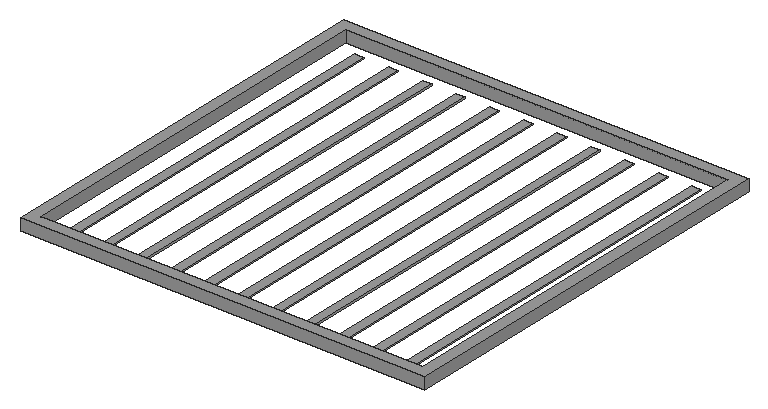
Revit family "PRISON", category Generic Models, Revit 2020
Family settings
  Can host rebar = No
  Round Connector Dimension = Use Diameter
  Part Type = Normal
  Work Plane-Based = No
  Always vertical = Yes
  Cut with Voids When Loaded = No
  Shared = No
  Room Calculation Point = No
Parameters
  Default Elevation = 0 mm
Reference planes
  plane 1 "Center (Front/Back)": y = 0
  plane 2: z = 0
  plane 3 "Center (Left/Right)": x = 0
Forms (mm)
  Extrusion 1, solid, material "prison"
    sketch origin (-104.434, 60.696, 0) x (1, 0, 0) y (0, 1, 0)
      loop
        line (-775.566, 819.304) -> (-775.566, -940.696) -> (984.434, -940.696) -> (984.434, 819.304) -> (-775.566, 819.304)
      loop
        line (-725.566, 769.304) -> (-725.566, -890.696) -> (934.434, -890.696) -> (934.434, 769.304) -> (-725.566, 769.304)
    from 0 to 50
  Extrusion 2, solid, material "prison"
    sketch origin (-733.509, 0, 0) x (1, 0, 0) y (0, 1, 0)
      loop
        line (-20, 781.934) -> (-20, -781.934) -> (20, -781.934) -> (20, 781.934) -> (-20, 781.934)
    from 0 to 5
  Extrusion 3, solid, material "prison"
    sketch origin (733.509, 0, 0) x (1, 0, 0) y (0, 1, 0)
      loop
        line (-20, 781.934) -> (-20, -781.934) -> (20, -781.934) -> (20, 781.934) -> (-20, 781.934)
    from 0 to 5
  Extrusion 4, solid, material "prison"
    sketch origin (-586.807, 0, 0) x (1, 0, 0) y (0, 1, 0)
      loop
        line (-20, 781.934) -> (-20, -781.934) -> (20, -781.934) -> (20, 781.934) -> (-20, 781.934)
    from 0 to 5
  Extrusion 5, solid, material "prison"
    sketch origin (-440.105, 0, 0) x (1, 0, 0) y (0, 1, 0)
      loop
        line (-20, 781.934) -> (-20, -781.934) -> (20, -781.934) -> (20, 781.934) -> (-20, 781.934)
    from 0 to 5
  Extrusion 6, solid, material "prison"
    sketch origin (-293.403, 0, 0) x (1, 0, 0) y (0, 1, 0)
      loop
        line (-20, 781.934) -> (-20, -781.934) -> (20, -781.934) -> (20, 781.934) -> (-20, 781.934)
    from 0 to 5
  Extrusion 7, solid, material "prison"
    sketch origin (-146.702, 0, 0) x (1, 0, 0) y (0, 1, 0)
      loop
        line (-20, 781.934) -> (-20, -781.934) -> (20, -781.934) -> (20, 781.934) -> (-20, 781.934)
    from 0 to 5
  Extrusion 8, solid, material "prison"
    sketch origin (0, 0, 0) x (1, 0, 0) y (0, 1, 0)
      loop
        line (-20, 781.934) -> (-20, -781.934) -> (20, -781.934) -> (20, 781.934) -> (-20, 781.934)
    from 0 to 5
  Extrusion 9, solid, material "prison"
    sketch origin (146.702, 0, 0) x (1, 0, 0) y (0, 1, 0)
      loop
        line (-20, 781.934) -> (-20, -781.934) -> (20, -781.934) -> (20, 781.934) -> (-20, 781.934)
    from 0 to 5
  Extrusion 10, solid, material "prison"
    sketch origin (293.403, 0, 0) x (1, 0, 0) y (0, 1, 0)
      loop
        line (-20, 781.934) -> (-20, -781.934) -> (20, -781.934) -> (20, 781.934) -> (-20, 781.934)
    from 0 to 5
  Extrusion 11, solid, material "prison"
    sketch origin (440.105, 0, 0) x (1, 0, 0) y (0, 1, 0)
      loop
        line (-20, 781.934) -> (-20, -781.934) -> (20, -781.934) -> (20, 781.934) -> (-20, 781.934)
    from 0 to 5
  Extrusion 12, solid, material "prison"
    sketch origin (586.807, 0, 0) x (1, 0, 0) y (0, 1, 0)
      loop
        line (-20, 781.934) -> (-20, -781.934) -> (20, -781.934) -> (20, 781.934) -> (-20, 781.934)
    from 0 to 5
Dimensions and locks
  equal spacing: group 1, group 3, group 4, group 5, group 6, group 7, group 8, group 9, group 10, group 11, group 2  (x3)
  aligned and locked: plane 2 to level
